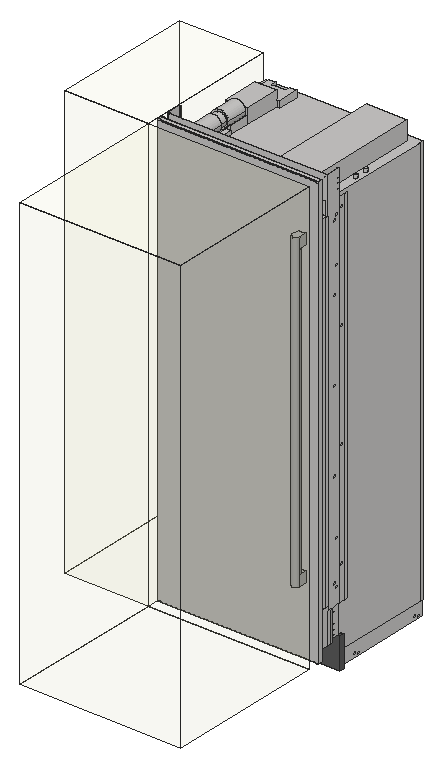
Revit family "P190780JX-221c_JKCPL301GL_StainlessSteel_JA_Refrigeration_Columns", category Specialty Equipment, Revit 2026 (continued)
Automatic sketch dimensions
  radius of Extrusion 4 sketch curve = 1/4"
  radius of Extrusion 11 sketch curve = 19/64"
  radius of Extrusion 12 sketch curve = 19/64"
  radius of Extrusion 18 sketch curve = 29/256"  (x6)
  radius of Extrusion 19 sketch curve = 0.11344"
  radius of Extrusion 19 sketch curve = 29/256"
  radius of Extrusion 22 sketch curve = 19/64"
  radius of Extrusion 23 sketch curve = 19/64"
  radius of Extrusion 24 sketch curve = 29/256"  (x2)
  radius of Extrusion 25 sketch curve = 0.16524"
  radius of Extrusion 26 sketch curve = 0.16524"
  radius of Extrusion 27 sketch curve = 0.16524"
  radius of Extrusion 28 sketch curve = 0.16524"
  radius of Extrusion 29 sketch curve = 0.18645"  (x4)
  radius of Extrusion 30 sketch curve = 0.11458"
  radius of Extrusion 30 sketch curve = 29/256"  (x4)
  radius of Extrusion 31 sketch curve = 0.04308"  (x7)
  radius of Extrusion 32 sketch curve = 0.16524"
  radius of Extrusion 33 sketch curve = 0.16524"
  radius of Extrusion 34 sketch curve = 0.16524"
  radius of Extrusion 35 sketch curve = 0.16524"
  radius of Extrusion 38 sketch curve = 0.18626"  (x9)
  radius of Extrusion 38 sketch curve = 0.05584"  (x10)
  radius of Extrusion 39 sketch curve = 0.11458"
  radius of Extrusion 39 sketch curve = 29/256"  (x4)
  radius of Extrusion 40 sketch curve = 0.04308"  (x7)
  radius of Extrusion 42 sketch curve = 0.45676"
  radius of Extrusion 52 sketch curve = 0.08852"
  radius of Extrusion 53 sketch curve = 0.08852"
  radius of Extrusion 60 sketch curve = 0.08852"
  radius of Extrusion 61 sketch curve = 0.08852"
  radius of Extrusion 69 sketch curve = 0.18626"  (x9)
  radius of Extrusion 69 sketch curve = 0.05584"  (x10)
  radius of Extrusion 70 sketch curve = 0.18645"  (x4)
  radius of Extrusion 71 sketch curve = 0.45676"
  radius of Extrusion 79 sketch curve = 0.68744"
Connectors (in)
  electrical at (0, -0.25, 1.75), driven by "Voltage"
    settings: on Extrusion 4, index 1, voltage 0 V, apparent load 0 VA, apparent load phase1 0 VA, apparent load phase2 0 VA, apparent load phase3 0 VA, power factor 1, load classification "Other", number of poles 1, system type 30, power factor state 1, is connector primary yes, connector utility no, sub classification motor no, connector description "Electrical Connection"
